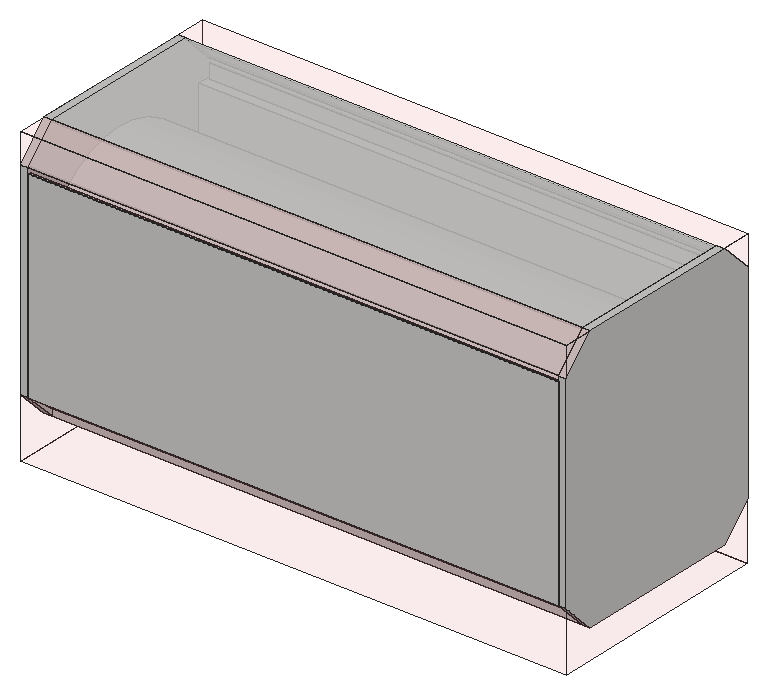
Revit family "Air-Curtain_Climate-Control_PoweredAire_ECE", category Mechanical Equipment, host Face, Revit 2025
Family settings
  Host = Face
  Round Connector Dimension = Use Diameter
  Part Type = Normal
  OmniClass Number = 23.75.35.17.21
  OmniClass Title = Air Curtains
  Cut with Voids When Loaded = No
  Maintain Annotation Orientation = No
  Shared = No
  Room Calculation Point = No
Parameters
  Warranty Duration (Years) = 0
  Unit Width Notes = "Other Widths available."  # constant formula
  Unit Width = 3' - 0"
  Unit Weight = 0
  Unit Height = 1' - 3"
  Unit Depth = 1' - 5 1/2"
  URL = "http://www.poweredaire.com/"
  Test Data = ""
  Temperature Rise_Range = "as Specified"
  Standards Conformance = "as Specified"
  Specification = "http://www.arcat.com/sdspecs/htm04/23_34_33pai.htm"
  SpecWizard = ""
  Sound Pressure = "as Specified"
  Sales Information = "http://www.poweredaire.com/contact_us"
  Revision = "R1_2016-08"
  Projection from Host [instance] = 0' - 2"
  Product Properties = ""
  Product Data = "http://www.arcat.com/arcatcos/cos47/arc47623.html"
  Power Rating = 0 W
  Outlet Volume_Range = "as Specified"
  Outlet Velocity_Range = "as Specified"
  Nozzle Width = if(1 = 1, Unit Width - 0' 1", 0' 0")  # 2' - 11"
  Mounting Width = if(1 = 1, Unit Width - 0' 0 15/16", 0' 0")  # 2' - 11 1/16"
  Mounting Height [instance] = 3' - 6"
  Motor RPM = 0
  Motor HP = 0
  Motor Count = 0
  Model = "As Specified"
  Max Height = 0' - 0"
  Manufacturer Website = "http://www.poweredaire.com/"
  Manufacturer Phone - Toll Free = "888-321-2473"
  Manufacturer Phone = "724-588-3305"
  Manufacturer Fax = "724-588-3371"
  Manufacturer Address = "109 Mortensen Rd.  Greenville, PA 16125"
  Manufacturer = "Powered Aire, Inc"
  Maintenance Schedule (Months) = 0
  Keynote = "23 34 33"
  Installation-Fabrication = ""
  Installation Phase = ""
  Include Clearance [instance] = yes
  Heating Element Load = 0 W
  HVAC_Temperature Rise [instance] = 0 °F
  HVAC_Outlet Volume [instance] = 0 CFM
  HVAC_Outlet Velocity Uniformity = 0
  HVAC_Outlet Velocity [instance] = 0 FPM
  Green Building-LEED = "http://www.arcat.com/green/clients/leed_data_47623.html"
  Front Grating Material [instance] = Metal - Steel - PoweredAire - Stainless 304 Perforated
  Frame Finish [instance] = Metal - Steel - PoweredAire - Stainless 304
  Expected Lifespan (Years) = 0
  Electrical_Wattage [instance] = Power Rating + Heating Element Load  # 0 W
  Electrical_Voltage [instance] = 0 V
  Electrical_Phase [instance] = 1
  Electrical_Frequency [instance] = 0 Hz
  Electrical_Amperage [instance] = 0 A
  Drawn By = "Sumex Design, Inc. / Robert S. Weygant, CSI, CDT, SCIP"
  Description = "Powered Aire Air Curtain as Specified"
  Default Elevation = 0' - 0"  # constant formula
  Copyright = "©Arcat Inc."
  Construction Details = "http://www.arcat.com/details/powair/prod3336.html"
  Clearance_Top [instance] = 0' - 0"
  Clearance_Side B [instance] = 0' - 0"
  Clearance_Side A [instance] = 0' - 0"
  Clearance_Intake [instance] = 0' - 0"
  Clearance_Bottom [instance] = 0' - 0"
  Clearance Material [instance] = ARCAT Clearance
  Building Codes = ""
  Available Options [instance] = "as Specified"
  Assembly Code = "D3090400"
Reference planes (in)
  plane 1 "Center (Elevation)": y = 0.13818
  plane 2: z = 0
  plane 3 "Center (Left/Right)": x = 0
  plane 4: y = 7.63818
  plane 5: y = -7.36182
  plane 6: x = -18
  plane 7: x = 18
  plane 8: z = 19.5
  plane 9 "FF": y = -41.86182
  plane 10: z = 2
  plane 11: x = 17.5
  plane 12: x = -17.5
  plane 13: y = 7.63818
  plane 14: y = -7.36182
  plane 15: x = -18
  plane 16: x = 18
  plane 17: z = 19.5
Forms (in)
  Extrusion 1, solid, material "Metal - Steel - PoweredAire - Stainless 304" <- "Frame Finish"
    sketch origin (0, 0, 0) x (0, 1, 0) y (0, 0, 1)
      loop
        line (5.69363, 2) -> (7.63818, 3.94454) -> (7.63818, 17.55546) -> (5.69363, 19.5) -> (-5.41728, 19.5) -> (-7.36182, 17.55546) -> (-7.36182, 3.94454) -> (-5.41728, 2) -> (5.69363, 2)
    from 17.5 to 18
  Extrusion 2, solid, material "Metal - Steel - PoweredAire - Stainless 304" <- "Frame Finish"
    sketch origin (0, 0, -0.5) x (0, 1, 0) y (0, 0, 1)
      loop
        circle (0.13818, 10.9739) r 6.25
      loop
        line (6.63818, 16.89427) -> (6.63818, 5.87829) -> (7.33849, 5.87829) -> (7.33849, 16.89427) -> (6.63818, 16.89427)
      loop
        line (-7.02798, 16.76927) -> (-7.02798, 5.75329) -> (-6.36182, 5.75329) -> (-6.36182, 16.76927) -> (-7.02798, 16.76927)
    from -17.5 to 17.5
  Extrusion 3, solid, material "Metal - Steel - PoweredAire - Stainless 304" <- "Frame Finish"
    sketch origin (0, 0, 0) x (0, 1, 0) y (0, 0, -1)
      loop
        line (5.69363, -2) -> (-5.41728, -2) -> (-7.36182, -3.94454) -> (-7.36182, -17.55546) -> (-5.41728, -19.5) -> (5.69363, -19.5) -> (7.63818, -17.55546) -> (7.63818, -3.94454) -> (5.69363, -2)
    from 17.5 to 18
  Extrusion 4, solid, material "Metal - Steel - PoweredAire - Stainless 304" <- "Frame Finish"
    sketch origin (0, 0, 0) x (0, 1, 0) y (0, 0, 1)
      loop
        line (-5.41728, 2) -> (5.69363, 2) -> (7.63818, 3.94454) -> (7.63818, 17.19454) -> (7.51318, 17.19454) -> (7.51318, 3.99632) -> (5.64186, 2.125) -> (-5.29228, 2.125) -> (-5.29228, 4.06954) -> (-7.23682, 4.06954) -> (-7.23682, 17.19454) -> (-7.36182, 17.19454) -> (-7.36182, 3.94454) -> (-5.41728, 3.94454) -> (-5.41728, 2)
      loop
        line (-6.64819, 3.61034) -> (-5.8702, 2.83235) -> (-5.74472, 2.95783) -> (-6.52271, 3.73583) -> (-6.64819, 3.61034)
    from -17.5 to 17.5
  Extrusion 5, solid, material "Metal - Steel - PoweredAire - Stainless 304 Perforated" <- "Front Grating Material"
    sketch origin (0, 0, 0) x (0, 1, 0) y (0, 0, 1)
      loop
        line (-7.36182, 17.19454) -> (-7.23682, 17.19454) -> (-7.23682, 17.50368) -> (-5.3655, 19.375) -> (5.64186, 19.375) -> (7.51318, 17.50368) -> (7.51318, 17.19454) -> (7.63818, 17.19454) -> (7.63818, 17.55546) -> (5.69363, 19.5) -> (-5.41728, 19.5) -> (-7.36182, 17.55546) -> (-7.36182, 17.19454)
    from -17.5 to 17.5
  Extrusion 6, solid, material "ARCAT Clearance" <- "Clearance Material", visible <- "Include Clearance"
    sketch origin (0, 0, 0) x (0, 1, 0) y (0, 0, 1)
      loop
        line (-7.36182, 19.5) -> (-7.36182, 0) -> (7.63818, 0) -> (7.63818, 19.5) -> (-7.36182, 19.5)
    from -18 to 18
Dimensions and locks (in)
  equal spacing: plane 4, plane 1 "Center (Elevation)", plane 5
  "Unit Height": plane 4 to plane 5
  equal spacing: plane 6, plane 3 "Center (Left/Right)", plane 7
  "Unit Width": plane 6 to plane 7
  "Mounting Height": plane 1 "Center (Elevation)" to plane 9 "FF"
  "Projection from Host": plane 10 to level
  "Unit Depth": plane 8 to plane 10
  locked: plane 6 to plane 12 at 0.5
  locked: plane 11 to plane 7 at 0.5
  "Clearance_Side A": plane 7 to plane 16
  "Clearance_Side B": plane 15 to plane 6
  "Clearance_Top": plane 13 to plane 4
  "Clearance_Bottom": plane 5 to plane 14
  "Clearance_Intake": plane 17 to plane 8
  aligned and locked: plane 2 to host face
  aligned and locked: level to host face
  aligned and locked: plane 7 to Extrusion 1
  aligned and locked: Extrusion 1 to plane 11
  aligned and locked: plane 12 to Extrusion 3
  aligned and locked: Extrusion 3 to plane 6
  aligned and locked: Extrusion 2 to plane 12
  aligned and locked: plane 11 to Extrusion 2
  aligned and locked: plane 11 to Extrusion 4
  aligned and locked: Extrusion 4 to plane 12
  aligned and locked: plane 11 to Extrusion 5
  aligned and locked: Extrusion 5 to plane 12
  aligned and locked: Extrusion 6 sketch curve to plane 17
  aligned and locked: plane 14 to Extrusion 6 sketch curve
  aligned and locked: level to Extrusion 6 sketch curve
  aligned and locked: Extrusion 6 sketch curve to plane 13
  aligned and locked: plane 16 to Extrusion 6
  aligned and locked: Extrusion 6 to plane 15
Automatic sketch dimensions
  host sketch curve to host sketch curve = 8' - 0"  (x2)
  Extrusion 1 sketch curve to plane 5 = 0' - 0"
  Extrusion 1 sketch curve to plane 8 = 0' - 0"
  Extrusion 1 sketch curve to plane 10 = 0' - 0"
  Extrusion 1 sketch curve to plane 4 = 0' - 0"
  plane 5 to Extrusion 1 sketch curve = 0' - 1.94454"  (x2)
  Extrusion 1 sketch curve to plane 4 = 0' - 1.94454"  (x2)
  plane 10 to Extrusion 1 sketch curve = 0' - 1.94454"  (x2)
  Extrusion 1 sketch curve to plane 8 = 0' - 1.94454"  (x2)
  Extrusion 2 sketch curve to plane 1 "Center (Elevation)" = 0' - 0"
  plane 5 to Extrusion 2 sketch curve = 0' - 1"
  plane 5 to Extrusion 2 sketch curve = 0' - 0.33384"
  Extrusion 2 sketch curve to plane 4 = 0' - 1"
  Extrusion 2 sketch curve to plane 4 = 0' - 0.29969"
  plane 10 to Extrusion 2 sketch curve = 0' - 3.37829"
  plane 10 to Extrusion 2 sketch curve = 0' - 3.25329"
  Extrusion 2 sketch curve to plane 8 = 0' - 9.0261"
  Extrusion 2 sketch curve to plane 8 = 0' - 3.23073"
  Extrusion 2 sketch curve to plane 8 = 0' - 3.10573"
  Extrusion 3 sketch curve to plane 5 = 0' - 0"
  Extrusion 3 sketch curve to plane 8 = 0' - 0"
  Extrusion 3 sketch curve to plane 10 = 0' - 0"
  Extrusion 3 sketch curve to plane 4 = 0' - 0"
  plane 5 to Extrusion 3 sketch curve = 0' - 1.94454"  (x2)
  Extrusion 3 sketch curve to plane 4 = 0' - 1.94454"  (x2)
  Extrusion 3 sketch curve to plane 8 = 0' - 1.94454"  (x2)
  plane 10 to Extrusion 3 sketch curve = 0' - 1.94454"  (x2)
  Extrusion 4 sketch curve to plane 5 = 0' - 0"
  Extrusion 4 sketch curve to plane 10 = 0' - 0"
  Extrusion 4 sketch curve to plane 4 = 0' - 0"
  plane 5 to Extrusion 4 sketch curve = 0' - 0 1/8"
  plane 5 to Extrusion 4 sketch curve = 0' - 0.71363"
  Extrusion 4 sketch curve to Extrusion 4 sketch curve = 0' - 0.12548"  (x2)
  Extrusion 4 sketch curve to Extrusion 4 sketch curve = 0' - 0.778"
  Extrusion 4 sketch curve to Extrusion 4 sketch curve = 0' - 0.32744"
  Extrusion 4 sketch curve to Extrusion 4 sketch curve = 0' - 0 1/8"  (x2)
  plane 10 to Extrusion 4 sketch curve = 0' - 0 1/8"
  Extrusion 4 sketch curve to plane 4 = 0' - 1.99632"
  Extrusion 4 sketch curve to Extrusion 4 sketch curve = 0' - 0.05178"  (x2)
  plane 10 to Extrusion 4 sketch curve = 0' - 0.83235"
  plane 10 to Extrusion 4 sketch curve = 0' - 1.94454"
  Extrusion 4 sketch curve to Extrusion 4 sketch curve = 0' - 0.3342"
  Extrusion 4 sketch curve to plane 4 = 0' - 0 1/8"
  Extrusion 4 sketch curve to plane 8 = 0' - 2.30546"  (x2)
  Extrusion 5 sketch curve to plane 5 = 0' - 0"
  Extrusion 5 sketch curve to plane 8 = 0' - 0"
  Extrusion 5 sketch curve to plane 4 = 0' - 0"
  plane 5 to Extrusion 5 sketch curve = 0' - 0 1/8"
  plane 5 to Extrusion 5 sketch curve = 0' - 1.94454"
  Extrusion 5 sketch curve to plane 8 = 0' - 0 1/8"
  Extrusion 5 sketch curve to Extrusion 5 sketch curve = 0' - 0.05178"  (x4)
  Extrusion 5 sketch curve to plane 4 = 0' - 1.99632"
  Extrusion 5 sketch curve to plane 8 = 0' - 1.94454"  (x2)
  Extrusion 5 sketch curve to Extrusion 5 sketch curve = 0' - 0 1/8"
  Extrusion 5 sketch curve to Extrusion 5 sketch curve = 0' - 0.30914"  (x2)
  radius of Extrusion 2 sketch curve = 0' - 6 1/4"
Connectors (in)
  electrical at (0, 7.63818, 10.56954), driven by "Electrical_Phase", driven by "Electrical_Voltage"
    settings: on Extrusion 4, index 1, voltage 0 V, apparent load 0 VA, apparent load phase1 0 VA, apparent load phase2 0 VA, apparent load phase3 0 VA, power factor 1, load classification "Motor", number of poles 1, system type 31, power factor state 1, is connector primary yes, connector utility no, sub classification motor no, connector description ""
